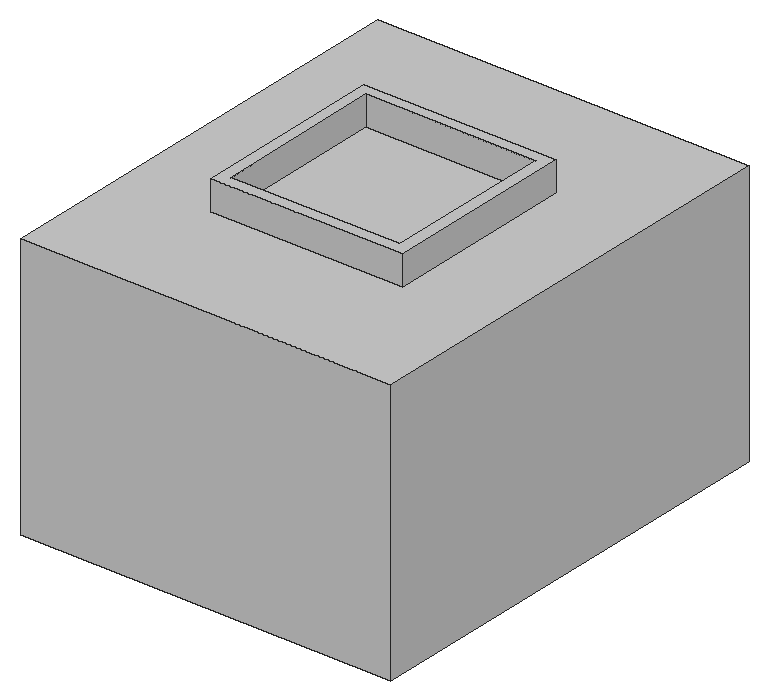
Revit family "Lighting-Recessed-Amerlux-E475SA-C3", category Lighting Fixtures, host Face, Revit 2014
Parameters (values of type "Trimless")
  Width = 12 1/2"
  Wattage = 9.2903 W
  built-in parameter 1150110 = 1 (stored number, unit not read)
  Voltage = 0 V
  URL = "http://www.amerlux.com/"
  Trim Size = 5 3/4"
  Trim = no
  built-in parameter 1114217 = 1 (stored number, unit not read)
  Tilt Angle = -90.00°
  built-in parameter 1150109 = 1 (stored number, unit not read)
  built-in parameter 1150134 = 3
  built-in parameter 1150113 = 1 (stored number, unit not read)
  Power Factor = 1
  Photometric Web File = "generic"
  Number of Poles = 1
  built-in parameter 1150142 = (empty or 0)
  Model Number = ""
  Model = "E475SA-C3"
  Manufacturer = "Amerlux"
  built-in parameter 1150105 = 109.82 (stored number, unit not read)
  Lumens = 1380 lm
  built-in parameter 1150115 = 1 (stored number, unit not read)
  built-in parameter 1150137 = (empty or 0)
  built-in parameter 1150139 = (empty or 0)
  Length = 14 1/2"
  built-in parameter 1150112 = 1 (stored number, unit not read)
  built-in parameter 1150114 = 1 (stored number, unit not read)
  Lamp = "LED"
  built-in parameter 1150132 = (empty or 0)
  built-in parameter 1150102 = (empty or 0)
  built-in parameter 1150107 = 3200 (stored number, unit not read)
  built-in parameter 1150138 = (empty or 0)
  built-in parameter 1150106 = 1.0982 (stored number, unit not read)
  Height = 8 1/4"
  Emit from Rectangle Width = Aperture Size  # 4 3/4"
  Emit from Rectangle Length = Aperture Size  # 4 3/4"
  Emit Shape Visible in Rendering = no
  built-in parameter 1150104 = 13.8 (stored number, unit not read)
  Dimming Lamp Color Temperature Shift = <None>
  Dimming = ""
  Description = "4.5\" Square Adjustable C3"
  Default Elevation = 48"
  Color Filter = 16777215
  built-in parameter 1114218 = 1 (stored number, unit not read)
  built-in parameter 1150133 = 10 (stored number, unit not read)
  Apparent Load = 0 VA
  Aperture Size = 4 3/4"
Types (3): name | Trim
  (no name) | no
  Trim | yes
  Trimless | no
Reference planes (in)
  plane 1 "Center (Front/Back)": y = 0
  plane 2: z = 0
  plane 3 "Center (Left/Right)": x = 0
  plane 4: x = -7.25
  plane 5: x = 7.25
  plane 6: z = -8.25
  plane 7: y = 6.25
  plane 8: y = -6.25
Forms (in)
  Extrusion 1, solid, material "Housing"
    sketch origin (0, 0, 0) x (1, 0, 0) y (0, 1, 0)
      loop
        line (-5.16548, 6.25) -> (-5.16548, -6.25) -> (5.22568, -6.25) -> (5.22568, 6.25) -> (-5.16548, 6.25)
    from -8.25 to -0.8255
  Extrusion 2, void
    sketch origin (0, 0, 0) x (1, 0, 0) y (0, 1, 0)
      loop
        line (-2.375, 2.375) -> (-2.375, -2.375) -> (2.375, -2.375) -> (2.375, 2.375) -> (-2.375, 2.375)
    from -0.8255 to 0.08709
  Extrusion 3, solid, material "Trim Finish", visible <- "Trim"
    sketch origin (0, 0, 0) x (1, 0, 0) y (0, 1, 0)
      loop
        line (-2.375, 2.375) -> (-2.375, -2.375) -> (2.375, -2.375) -> (2.375, 2.375) -> (-2.375, 2.375)
      loop
        line (-2.875, 2.875) -> (-2.875, -2.875) -> (2.875, -2.875) -> (2.875, 2.875) -> (-2.875, 2.875)
    from 0 to 0.10768
  Extrusion 4, solid, material "Housing"
    sketch origin (0, 0, 0) x (1, 0, 0) y (0, 1, 0)
      loop
        line (-2.375, 2.375) -> (-2.375, -2.375) -> (2.375, -2.375) -> (2.375, 2.375) -> (-2.375, 2.375)
      loop
        line (-2.6875, 2.6875) -> (-2.6875, -2.6875) -> (2.6875, -2.6875) -> (2.6875, 2.6875) -> (-2.6875, 2.6875)
    from -0.8255 to 0
Dimensions and locks (in)
  "Height": plane 6 to host face
  "Length": plane 4 to plane 5
  equal spacing: plane 7, plane 1 "Center (Front/Back)", plane 8
  equal spacing: plane 4, plane 3 "Center (Left/Right)", plane 5
  "Width": plane 7 to plane 8
  equal spacing: Extrusion 3 sketch curve, plane 1 "Center (Front/Back)", Extrusion 3 sketch curve  (x2)
  equal spacing: Extrusion 3 sketch curve, plane 3 "Center (Left/Right)", Extrusion 3 sketch curve  (x2)
  "Aperture Size": Extrusion 3 sketch curve to Extrusion 3 sketch curve  (x2)
  "Trim Size": Extrusion 3 sketch curve to Extrusion 3 sketch curve  (x2)
  locked: Extrusion 3 to Extrusion 4 sketch curve at 0.3125  (x3)
  locked: Extrusion 4 sketch curve to Extrusion 3 at 0.3125
  equal spacing: Extrusion 3, plane 3 "Center (Left/Right)", Extrusion 3
  "Aperture Size": Extrusion 4 sketch curve to Extrusion 4 sketch curve  (x2)
  equal spacing: Extrusion 3, plane 1 "Center (Front/Back)", Extrusion 3
  aligned and locked: plane 2 to host face
  aligned and locked: level to host face
  aligned and locked: Extrusion 1 to plane 6
  aligned and locked: Extrusion 1 to plane 8
  aligned and locked: plane 7 to Extrusion 1
  aligned and locked: Extrusion 4 sketch curve to Extrusion 3  (x2)
  aligned and locked: Extrusion 4 to Extrusion 1
  aligned and locked: level to Extrusion 4
  aligned and locked: Extrusion 2 sketch curve to Extrusion 3  (x4)
Automatic sketch dimensions
  host sketch curve to host sketch curve = 54.51167"
  host sketch curve to host sketch curve = 52.40009"
  plane 4 to Extrusion 1 sketch curve = 2.08452"
  Extrusion 1 sketch curve to plane 5 = 2.02432"
  Extrusion 1 sketch curve to plane 8 = 0"
  Extrusion 1 sketch curve to plane 7 = 0"
Connectors (in)
  electrical at (0.0301, 0, -8.25), driven by "Number of Poles", driven by "Voltage", driven by "Apparent Load", driven by "Power Factor"
    settings: on Extrusion 1, index 1, voltage 0 V, apparent load 0 VA, apparent load phase1 0 VA, apparent load phase2 0 VA, apparent load phase3 0 VA, power factor 1, load classification "Other", number of poles 1, system type 31, power factor state 1, is connector primary yes, connector utility no, sub classification motor no, connector description "Power"
